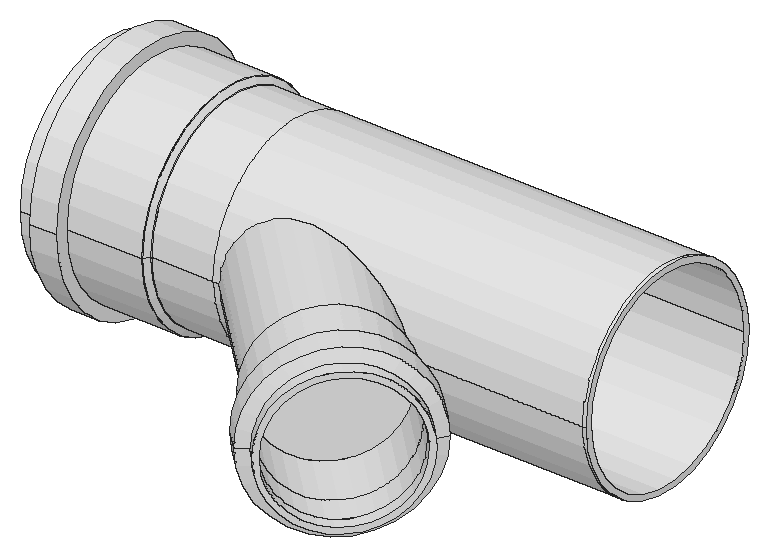
Revit family "Juncao_Invertida", category Pipe Fittings, Revit 2025
Family settings
  Round Connector Dimension = Use Radius
  Part Type = Tee
  Work Plane-Based = No
  Always vertical = Yes
  Cut with Voids When Loaded = No
  Shared = No
Parameters (values of type "Standard")
  Ângulo 1 [instance] = if(Ângulo > 90.00°, 180.00° - Ângulo, Ângulo)  # 45.00°
  Ângulo [instance] = 45.00°
  built-in parameter 1114242 [instance] = (empty or 0)
  URL = "http://www.tigre.com.br"
  Type Comments = ""
  Tigre: Sistema = "Esgoto"  # constant formula
  Tigre: Norma = ""
  Tigre: Material = "PVC Branco"  # constant formula
  Tigre: Marcador [instance] = "00"
  Tigre: Link do Produto = "http://www.tigre.com.br/pt/produtos_unico.php?rcr_id=4&cpr_id=10&cpr_id_pai=4&lnh_id=9&prd_id=709"
  Tigre: Linha = "Série Normal"  # constant formula
  Tigre: Fabricante = "© Tigre S/A"  # constant formula
  Tigre: Descrição [instance] = if(and(Diâmetro Nominal 1 = 75.00 mm, Diâmetro Nominal 2 = 50.00 mm, Ângulo 1 > 40.00°, Ângulo 1 < 50.00°), "Junção Invertida 75 x 50mm, Esgoto Série Normal - TIGRE", if(and(Diâmetro Nominal 1 = 75.00 mm, Diâmetro Nominal 2 = 75.00 mm, Ângulo 1 > 40.00°, Ângulo 1 < 50.00°), "Junção Invertida 75 x 75mm, Esgoto Série Normal - TIGRE", if(and(Diâmetro Nominal 1 = 100.00 mm, Diâmetro Nominal 2 = 50.00 mm, Ângulo 1 > 40.00°, Ângulo 1 < 50.00°), "Junção Invertida 100 x 50mm, Esgoto Série Normal - TIGRE", if(and(Diâmetro Nominal 1 = 100.00 mm, Diâmetro Nominal 2 = 75.00 mm, Ângulo 1 > 40.00°, Ângulo 1 < 50.00°), "Junção Invertida 100 x 75mm, Esgoto Série Normal - TIGRE", if(and(Diâmetro Nominal 1 = 100.00 mm, Diâmetro Nominal 2 = 100.00 mm, Ângulo 1 > 40.00°, Ângulo 1 < 50.00°), "Junção Invertida 100 x 100mm, Esgoto Série Normal - TIGRE", "Produto Inexistente")))))  # "Junção Invertida 75 x 50mm, Esgoto Série Normal - TIGRE"
  Tigre: Código com Separador [instance] = if(and(Diâmetro Nominal 1 = 75.00 mm, Diâmetro Nominal 2 = 50.00 mm, Ângulo 1 > 40.00°, Ângulo 1 < 50.00°), "26.29.726.5", if(and(Diâmetro Nominal 1 = 75.00 mm, Diâmetro Nominal 2 = 75.00 mm, Ângulo 1 > 40.00°, Ângulo 1 < 50.00°), "26.29.729.0", if(and(Diâmetro Nominal 1 = 100.00 mm, Diâmetro Nominal 2 = 50.00 mm, Ângulo 1 > 40.00°, Ângulo 1 < 50.00°), "26.29.746.0", if(and(Diâmetro Nominal 1 = 100.00 mm, Diâmetro Nominal 2 = 75.00 mm, Ângulo 1 > 40.00°, Ângulo 1 < 50.00°), "26.29.747.8", if(and(Diâmetro Nominal 1 = 100.00 mm, Diâmetro Nominal 2 = 100.00 mm, Ângulo 1 > 40.00°, Ângulo 1 < 50.00°), "26.29.748.6", "Produto ou Código Inexistente")))))  # "26.29.726.5"
  Tigre: Código [instance] = if(and(Diâmetro Nominal 1 = 75.00 mm, Diâmetro Nominal 2 = 50.00 mm, Ângulo 1 > 40.00°, Ângulo 1 < 50.00°), 26297265, if(and(Diâmetro Nominal 1 = 75.00 mm, Diâmetro Nominal 2 = 75.00 mm, Ângulo 1 > 40.00°, Ângulo 1 < 50.00°), 26297290, if(and(Diâmetro Nominal 1 = 100.00 mm, Diâmetro Nominal 2 = 50.00 mm, Ângulo 1 > 40.00°, Ângulo 1 < 50.00°), 26297460, if(and(Diâmetro Nominal 1 = 100.00 mm, Diâmetro Nominal 2 = 75.00 mm, Ângulo 1 > 40.00°, Ângulo 1 < 50.00°), 26297478, if(and(Diâmetro Nominal 1 = 100.00 mm, Diâmetro Nominal 2 = 100.00 mm, Ângulo 1 > 40.00°, Ângulo 1 < 50.00°), 26297486, 0)))))  # 26297265
  Tigre: Comentários [instance] = ""
  Representação Unifilar 2 [instance] = Diâmetro Nominal 1 * 0.2  # 15 mm
  Representação Unifilar 1 [instance] = Diâmetro Nominal 1 * 0.2  # 15 mm
  Raio Nominal 2 [instance] = 25 mm
  Raio Nominal 1 [instance] = 37.5 mm
  Raio Interno 1 [instance] = Raio Nominal 1 - 2.00 mm  # 35.50 mm
  Raio Externo 2 [instance] = Diâmetro Externo 2 / 2  # 27 mm
  Raio Externo 1 [instance] = Diâmetro Externo 1 / 2  # 40 mm
  Raio Anel 2 [instance] = size_lookup(Lookup Table Name, "RaioAnel2", 0.5343 * Diâmetro Nominal 1 - 3.80 mm, Diâmetro Nominal 1, Diâmetro Nominal 2)  # 31.5 mm
  Raio Anel 1 [instance] = size_lookup(Lookup Table Name, "RaioAnel1", 0.5652 * Diâmetro Nominal 1 + 0.86 mm, Diâmetro Nominal 1, Diâmetro Nominal 2)  # 44.4 mm
  Model = ""
  Manufacturer = Tigre: Fabricante  # "© Tigre S/A"
  Luva Esquerda [instance] = and(and(not(Diâmetro Nominal 1 = 40.00 mm), Bolsa Direita), not(Ligação em Conexão))  # yes
  Luva Direita [instance] = and(and(not(Diâmetro Nominal 1 = 40.00 mm), Bolsa Esquerda), not(Ligação em Conexão), not(and(Ângulo > 40.00°, Ângulo < 50.00°)))  # no
  Loss Method = Not Defined
  Lookup Table Name = "Juncao invertida - Serie Normal - Esgoto - MEP - Tigre"
  Ligação em Conexão [instance] = no
  K Coefficient Table = "Tee"
  Inverter Sentido da Luva _ Somente Tê [instance] = 1 = 0  # no
  Description = "Junção Invertida, Esgoto Série Normal - TIGRE"
  Default Elevation = 0.00 mm
  Cota Máxima [instance] = if(Cota A1 > Cota C1, Cota A1, Cota C1)  # 137 mm
  Cota E1 [instance] = if(and(Ângulo > 40.00°, Ângulo < 50.00°), size_lookup(Lookup Table Name, "CotE1", 0.5 * Diâmetro Nominal 1, Diâmetro Nominal 1, Diâmetro Nominal 2), if(and(Ângulo > 130.00°, Ângulo < 140.00°), size_lookup(Lookup Table Name, "CotE2", 1.5 * Diâmetro Nominal 1, Diâmetro Nominal 1, Diâmetro Nominal 2), size_lookup(Lookup Table Name, "CotE1", 1.5 * Diâmetro Nominal 1, Diâmetro Nominal 1, Diâmetro Nominal 2)))  # 69.55 mm
  Aux. Unifilar [instance] = Cota C + Chanfro 2  # 91.3 mm
  Bolsa Esquerda [instance] = or(and(Diâmetro Nominal 1 = 40.00 mm), not(Bolsa Direita))  # no
  Bolsa Direita [instance] = or(and(Diâmetro Nominal 1 = 40.00 mm), Inverter Sentido da Luva _ Somente Tê, and(Ângulo > 40.00°, Ângulo < 50.00°))  # yes
  Anel 2 [instance] = if(and(Diâmetro Nominal 1 = 40.00 mm, Diâmetro Nominal 2 = 40.00 mm), Raio Externo 2, Raio Anel 2)  # 31.5 mm
  Anel 1 [instance] = if(and(Diâmetro Nominal 1 = 40.00 mm, Diâmetro Nominal 2 = 40.00 mm), Raio Externo 1, Raio Anel 1)  # 44.4 mm
  Acabamento [instance] = none
  Diâmetro Nominal 2 [instance] = Raio Nominal 2 * 2  # 50 mm
  Diâmetro Nominal 1 [instance] = Raio Nominal 1 * 2  # 75 mm
  Diâmetro Externo 2 [instance] = size_lookup(Lookup Table Name, "DE2", 0.9733 * Diâmetro Nominal 1 - 6.84 mm, Diâmetro Nominal 1, Diâmetro Nominal 2)  # 54 mm
  Diâmetro Externo 1 [instance] = size_lookup(Lookup Table Name, "DE1", 1.031 * Diâmetro Nominal 1 + 2.66 mm, Diâmetro Nominal 1, Diâmetro Nominal 2)  # 80 mm
  Cota D2 [instance] = size_lookup(Lookup Table Name, "CotD2", 0.0224 * Diâmetro Nominal 1 + 3.42 mm, Diâmetro Nominal 1, Diâmetro Nominal 2)  # 5.3 mm
  Cota D1 [instance] = size_lookup(Lookup Table Name, "CotD1", 0.0241 * Diâmetro Nominal 1 + 3.46 mm, Diâmetro Nominal 1, Diâmetro Nominal 2)  # 5.5 mm
  Cota C1 [instance] = if(and(Ângulo > 40.00°, Ângulo < 50.00°), size_lookup(Lookup Table Name, "CotC1", 0.5 * Diâmetro Nominal 1, Diâmetro Nominal 1, Diâmetro Nominal 2), if(and(Ângulo > 130.00°, Ângulo < 140.00°), size_lookup(Lookup Table Name, "CotA1", 1.5 * Diâmetro Nominal 1, Diâmetro Nominal 1, Diâmetro Nominal 2), size_lookup(Lookup Table Name, "CotA1", 1.5 * Diâmetro Nominal 1, Diâmetro Nominal 1, Diâmetro Nominal 2)))  # 23 mm
  Cota C [instance] = if(and(Ângulo > 130.00°, Ângulo < 140.00°), size_lookup(Lookup Table Name, "CotE", Cota Máxima, Diâmetro Nominal 1, Diâmetro Nominal 2), if(and(Ângulo > 40.00°, Ângulo < 50.00°), size_lookup(Lookup Table Name, "CotE", Cota Máxima, Diâmetro Nominal 1, Diâmetro Nominal 2), Cota Máxima))  # 90 mm
  Cota B2 [instance] = size_lookup(Lookup Table Name, "CotB2", 0.2779 * Diâmetro Nominal 1 + 19.00 mm, Diâmetro Nominal 1, Diâmetro Nominal 2)  # 40 mm
  Cota B1 [instance] = size_lookup(Lookup Table Name, "CotB1", 0.332 * Diâmetro Nominal 1 + 18.35 mm, Diâmetro Nominal 1, Diâmetro Nominal 2)  # 46.55 mm
  Cota Anel 2 [instance] = size_lookup(Lookup Table Name, "CotAnel2", 0.0703 * Diâmetro Nominal 1 + 4.08 mm, Diâmetro Nominal 1, Diâmetro Nominal 2)  # 10 mm
  Cota Anel 1 [instance] = size_lookup(Lookup Table Name, "CotAnel1", 0.0801 * Diâmetro Nominal 1 + 3.76 mm, Diâmetro Nominal 1, Diâmetro Nominal 2)  # 10.2 mm
  Cota A1 [instance] = if(and(Ângulo > 130.00°, Ângulo < 140.00°), size_lookup(Lookup Table Name, "CotC1", 0.5 * Diâmetro Nominal 1, Diâmetro Nominal 1, Diâmetro Nominal 2), if(and(Ângulo > 40.00°, Ângulo < 50.00°), size_lookup(Lookup Table Name, "CotA1", 1.5 * Diâmetro Nominal 1, Diâmetro Nominal 1, Diâmetro Nominal 2), size_lookup(Lookup Table Name, "CotC1", 0.5 * Diâmetro Nominal 1, Diâmetro Nominal 1, Diâmetro Nominal 2)))  # 137 mm
  Chanfro 2 [instance] = size_lookup(Lookup Table Name, "Chan2", 0.0023 * Diâmetro Nominal 1 + 1.12 mm, Diâmetro Nominal 1, Diâmetro Nominal 2)  # 1.3 mm
  Chanfro 1 [instance] = size_lookup(Lookup Table Name, "Chan1", 0.0024 * Diâmetro Nominal 1 + 1.15 mm, Diâmetro Nominal 1, Diâmetro Nominal 2)  # 1.4 mm
Reference planes
  plane 1 "Center (Front/Back)": y = 0
  plane 2: z = 0
  plane 3 "Center (Left/Right)": x = 0
Forms (mm)
  Sweep 1, solid, material "PVC", detail levels fine
    path in 3D
      loop
        line (0, 0, 0) -> (-23, 0, 0)
    profile origin (-11.5, 0, 0) x (0, -1, 0) y (0, 0, 1)
      loop
        circle (0, 0) r 37.5
  SweptBlend 2, solid, material "PVC", visible <- "Bolsa Direita", detail levels fine
    path in 3D
      loop
        line (-23, 0, 0) -> (-24.4, 0, 0)
    profile origin (-23, 0, 0) x (0, -1, 0) y (0, 0, 1)
      loop
        circle (0, 0) r 37.5
    end profile origin (-24.4, 0, 0) x (0, -1, 0) y (0, 0, 1)
      loop
        circle (0, 0) r 40
  Sweep 3, solid, material "PVC", visible <- "Bolsa Direita", detail levels fine
    path in 3D
      loop
        line (-24.4, 0, 0) -> (-52.45, 0, 0)
    profile origin (-38.425, 0, 0) x (0, -1, 0) y (0, 0, 1)
      loop
        circle (0, 0) r 40
      loop
        circle (0, 0) r 37.5
  Sweep 4, solid, material "PVC", visible <- "Bolsa Direita", detail levels fine
    path in 3D
      loop
        line (-52.45, 0, 0) -> (-62.65, 0, 0)
    profile origin (-57.55, 0, 0) x (0, -1, 0) y (0, 0, 1)
      loop
        circle (0, 0) r 44.4
      loop
        circle (0, 0) r 37.5
  SweptBlend 5, solid, material "PVC", visible <- "Bolsa Direita", detail levels fine
    path in 3D
      loop
        line (-62.65, 0, 0) -> (-64.05, 0, 0)
    profile origin (-62.65, 0, 0) x (0, -1, 0) y (0, 0, 1)
      loop
        circle (0, 0) r 44.4
    end profile origin (-64.05, 0, 0) x (0, -1, 0) y (0, 0, 1)
      loop
        circle (0, 0) r 40
  Sweep 6, solid, material "PVC", visible <- "Bolsa Direita", detail levels fine
    path in 3D
      loop
        line (-64.05, 0, 0) -> (-69.55, 0, 0)
    profile origin (-66.8, 0, 0) x (0, -1, 0) y (0, 0, 1)
      loop
        circle (0, 0) r 37.5
      loop
        circle (0, 0) r 40
  Sweep 7, solid, material "PVC", detail levels fine
    path in 3D
      loop
        line (0, 0, 0) -> (63.64, -63.64, 0)
    profile origin (31.82, -31.82, 0) x (0.707107, 0.707107, 0) y (0, 0, 1)
      loop
        circle (0, 0) r 25
  SweptBlend 8, solid, material "PVC", detail levels fine
    path in 3D
      loop
        line (63.64, -63.64, 0) -> (64.559, -64.559, 0)
    profile origin (63.64, -63.64, 0) x (0.707107, 0.707107, 0) y (0, 0, 1)
      loop
        circle (0, 0) r 25
    end profile origin (64.559, -64.559, 0) x (0.707107, 0.707107, 0) y (0, 0, 1)
      loop
        circle (0, 0) r 27
  Sweep 9, solid, material "PVC", detail levels fine
    path in 3D
      loop
        line (64.559, -64.559, 0) -> (81.105, -81.105, 0)
    profile origin (72.832, -72.832, 0) x (0.707107, 0.707107, 0) y (0, 0, 1)
      loop
        circle (0, 0) r 27
      loop
        circle (0, 0) r 25
  SweptBlend 10, solid, material "PVC", detail levels fine
    path in 3D
      loop
        line (88.176, -88.176, 0) -> (89.095, -89.095, 0)
    profile origin (88.176, -88.176, 0) x (0.707107, 0.707107, 0) y (0, 0, 1)
      loop
        circle (0, 0) r 31.5
    end profile origin (89.095, -89.095, 0) x (0.707107, 0.707107, 0) y (0, 0, 1)
      loop
        circle (0, 0) r 27
  Sweep 11, solid, material "PVC", detail levels fine
    path in 3D
      loop
        line (89.095, -89.095, 0) -> (92.843, -92.843, 0)
    profile origin (90.969, -90.969, 0) x (0.707107, 0.707107, 0) y (0, 0, 1)
      loop
        circle (0, 0) r 27
      loop
        circle (0, 0) r 25
  Sweep 12, solid, material "PVC", detail levels fine
    path in 3D
      loop
        line (137, 0, 0) -> (0, 0, 0)
    profile origin (68.5, 0, 0) x (0, -1, 0) y (0, 0, 1)
      loop
        circle (0, 0) r 37.5
  SweptBlend 13, solid, material "PVC", visible <- "Bolsa Esquerda", detail levels fine
    path in 3D
      loop
        line (137, 0, 0) -> (138.4, 0, 0)
    profile origin (137, 0, 0) x (0, 1, 0) y (0, 0, 1)
      loop
        circle (0, 0) r 37.5
    end profile origin (138.4, 0, 0) x (0, 1, 0) y (0, 0, 1)
      loop
        circle (0, 0) r 40
  Sweep 14, solid, material "PVC", visible <- "Bolsa Esquerda", detail levels fine
    path in 3D
      loop
        line (138.4, 0, 0) -> (166.45, 0, 0)
    profile origin (152.425, 0, 0) x (0, 1, 0) y (0, 0, 1)
      loop
        circle (0, 0) r 40
      loop
        circle (0, 0) r 37.5
  SweptBlend 15, solid, material "PVC", visible <- "Bolsa Esquerda", detail levels fine
    path in 3D
      loop
        line (176.65, 0, 0) -> (178.05, 0, 0)
    profile origin (176.65, 0, 0) x (0, 1, 0) y (0, 0, 1)
      loop
        circle (0, 0) r 44.4
    end profile origin (178.05, 0, 0) x (0, 1, 0) y (0, 0, 1)
      loop
        circle (0, 0) r 40
  Sweep 16, solid, material "PVC", visible <- "Bolsa Esquerda", detail levels fine
    path in 3D
      loop
        line (178.05, 0, 0) -> (183.55, 0, 0)
    profile origin (180.8, 0, 0) x (0, 1, 0) y (0, 0, 1)
      loop
        circle (0, 0) r 40
      loop
        circle (0, 0) r 37.5
  Sweep 17, void
    path origin (0, 0, 0) x (1, 0, 0) y (0, 1, 0)
      loop
        line (64.559, -64.559) -> (92.843, -92.843)
    profile origin (78.701, -78.701, 0) x (0.707107, 0.707107, 0) y (0, 0, 1)
      loop
        circle (0, 0) r 25
  Sweep 18, solid, material "PVC", detail levels fine
    path in 3D
      loop
        line (81.105, -81.105, 0) -> (88.176, -88.176, 0)
    profile origin (84.641, -84.641, 0) x (0.707107, 0.707107, 0) y (0, 0, 1)
      loop
        circle (0, 0) r 31.5
  Sweep 19, solid, material "PVC", visible <- "Bolsa Esquerda", detail levels fine
    path in 3D
      loop
        line (166.45, 0, 0) -> (176.65, 0, 0)
    profile origin (171.55, 0, 0) x (0, 1, 0) y (0, 0, 1)
      loop
        circle (0, 0) r 44.4
      loop
        circle (0, 0) r 37.5
  Sweep 20, void
    path in 3D
      loop
        line (-62.65, 0, 0) -> (-64.05, 0, 0)
    profile origin (-63.35, 0, 0) x (0, -1, 0) y (0, 0, 1)
      loop
        circle (0, 0) r 37.5
  Sweep 21, void
    path in 3D
      loop
        line (176.65, 0, 0) -> (178.05, 0, 0)
    profile origin (177.35, 0, 0) x (0, 1, 0) y (0, 0, 1)
      loop
        circle (0, 0) r 37.5
  Sweep 22, solid, material "PVC", detail levels fine
    path in 3D
      loop
        line (137, 0, 0) -> (138.4, 0, 0)
    profile origin (137.7, 0, 0) x (0, 1, 0) y (0, 0, 1)
      loop
        circle (0, 0) r 37.5
  Sweep 23, solid, material "PVC", detail levels fine
    path in 3D
      loop
        line (-23, 0, 0) -> (-24.4, 0, 0)
    profile origin (-23.7, 0, 0) x (0, -1, 0) y (0, 0, 1)
      loop
        circle (0, 0) r 37.5
  Extrusion 24, void
    sketch origin (0, 0, 0) x (0, 1, 0) y (0, 0, 1)
      loop
        circle (0, 0) r 35.5
    from -69.55 to 237.669
Cuts and joins
  Sweep 17, Extrusion 24 cuts Sweep 1
  Sweep 17, Extrusion 24 cuts Sweep 7
  Sweep 17, Extrusion 24 cuts Sweep 12
  Extrusion 24 cuts Sweep 22
  Extrusion 24 cuts Sweep 23
  joined: Sweep 1, Sweep 7, Sweep 12, Sweep 22, Sweep 23
  Sweep 17, Sweep 20, Extrusion 24 cuts Sweep 3
  Sweep 17, Sweep 20, Extrusion 24 cuts Sweep 4
  Sweep 17, Sweep 20, Extrusion 24 cuts SweptBlend 5
  Sweep 17, Sweep 20, Extrusion 24 cuts Sweep 6
  joined: Sweep 3, Sweep 4, SweptBlend 5, Sweep 6
  Sweep 17 cuts SweptBlend 8
  Sweep 17 cuts Sweep 9
  Sweep 17 cuts SweptBlend 10
  Sweep 17 cuts Sweep 11
  Sweep 17 cuts Sweep 18
  joined: SweptBlend 8, Sweep 9, SweptBlend 10, Sweep 11, Sweep 18
  Sweep 21, Extrusion 24 cuts Sweep 14
  Sweep 21, Extrusion 24 cuts SweptBlend 15
  Sweep 21, Extrusion 24 cuts Sweep 16
  Sweep 21, Extrusion 24 cuts Sweep 19
  joined: Sweep 14, SweptBlend 15, Sweep 16, Sweep 19
  Sweep 17, Sweep 20, Extrusion 24 cuts SweptBlend 2
  Sweep 21, Extrusion 24 cuts SweptBlend 13
Lines and regions (mm)
  model lines, not visible, detail levels coarse+medium
    curve 1: line (-23, 0, 0) -> (-24.4, 0, 0)
    curve 2: line (-24.4, 0, 0) -> (-52.45, 0, 0)
    curve 3: line (-52.45, 0, 0) -> (-62.65, 0, 0)
    curve 4: line (-62.65, 0, 0) -> (-64.05, 0, 0)
    curve 5: line (-64.05, 0, 0) -> (-69.55, 0, 0)
    curve 8: line (64.559, -64.559, 0) -> (81.105, -81.105, 0)
    curve 9: line (81.105, -81.105, 0) -> (88.176, -88.176, 0)
    curve 10: line (88.176, -88.176, 0) -> (89.095, -89.095, 0)
    curve 11: line (89.095, -89.095, 0) -> (92.843, -92.843, 0)
    curve 22: line (137, 0, 0) -> (138.4, 0, 0)
    curve 23: line (138.4, 0, 0) -> (166.45, 0, 0)
    curve 24: line (166.45, 0, 0) -> (176.65, 0, 0)
    curve 25: line (176.65, 0, 0) -> (178.05, 0, 0)
    curve 26: line (178.05, 0, 0) -> (183.55, 0, 0)
    curve 42: line (0, 0, 0) -> (-23, 0, 0)
    curve 43: line (137, 0, 0) -> (0, 0, 0)
  model lines, detail levels coarse+medium
    curve 6: line (0, 0, 0) -> (63.64, -63.64, 0)
    curve 7: line (63.64, -63.64, 0) -> (64.559, -64.559, 0)
    curve 31: line (64.559, -64.559, 0) -> (53.952, -75.165, 0)
    curve 32: line (64.559, -64.559, 0) -> (75.165, -53.952, 0)
    curve 39: line (91.3, 15, 0) -> (91.3, -15, 0)
    curve 40: line (91.3, 0, 0) -> (0, 0, 0)
    curve 41: line (0, 0, 0) -> (-91.3, 0, 0)
  sketch lines
    curve 12: line (-23, 0, 0) -> (-24.4, 0, 0)
    curve 13: line (-24.4, 0, 0) -> (-52.45, 0, 0)
    curve 14: line (-52.45, 0, 0) -> (-62.65, 0, 0)
    curve 15: line (-62.65, 0, 0) -> (-64.05, 0, 0)
    curve 16: line (-64.05, 0, 0) -> (-69.55, 0, 0)
    curve 17: line (0, 0, 0) -> (63.64, -63.64, 0)
    curve 18: line (63.64, -63.64, 0) -> (64.559, -64.559, 0)
    curve 19: line (64.559, -64.559, 0) -> (81.105, -81.105, 0)
    curve 20: line (88.176, -88.176, 0) -> (89.095, -89.095, 0)
    curve 21: line (89.095, -89.095, 0) -> (92.843, -92.843, 0)
    curve 27: line (137, 0, 0) -> (138.4, 0, 0)
    curve 28: line (138.4, 0, 0) -> (166.45, 0, 0)
    curve 29: line (176.65, 0, 0) -> (178.05, 0, 0)
    curve 30: line (178.05, 0, 0) -> (183.55, 0, 0)
    curve 33: line (81.105, -81.105, 0) -> (88.176, -88.176, 0)
    curve 34: line (166.45, 0, 0) -> (176.65, 0, 0)
    curve 35: line (-62.65, 0, 0) -> (-64.05, 0, 0)
    curve 36: line (176.65, 0, 0) -> (178.05, 0, 0)
    curve 37: line (137, 0, 0) -> (138.4, 0, 0)
    curve 38: line (-23, 0, 0) -> (-24.4, 0, 0)
    curve 44: line (137, 0, 0) -> (0, 0, 0)
    curve 45: line (0, 0, 0) -> (-23, 0, 0)
Dimensions and locks
  "Chanfro 1": curve 2 to curve 1
  curve 3 to curve 2 = 28.05 mm
  "Cota Anel 1": curve 4 to curve 3
  "Chanfro 1": curve 5 to curve 4
  "Cota D1": curve 5 to curve 5
  "Cota B1": curve 5 to curve 1
  "Cota C": curve 6 to curve 6
  "Chanfro 2": curve 7 to curve 6
  curve 8 to curve 8 = 23.40 mm
  "Cota D2": curve 11 to curve 11
  "Chanfro 2": curve 11 to curve 10
  "Cota Anel 2": curve 10 to curve 9
  "Cota B2": curve 11 to curve 8
  "Chanfro 1": curve 23 to curve 22
  curve 24 to curve 23 = 28.05 mm
  "Cota Anel 1": curve 25 to curve 24
  "Chanfro 1": curve 26 to curve 25
  "Cota D1": curve 26 to curve 26
  equal spacing: curve 31, curve 6, curve 32
  "Representação Unifilar 2": curve 31 to curve 6
  "Cota B2": Sweep 17 sketch curve to Sweep 17 sketch curve
  "Cota B1": curve 26 to curve 22
  "Aux. Unifilar": plane 3 "Center (Left/Right)" to curve 39
  "Cota E1": curve 5 to plane 3 "Center (Left/Right)"
  plane 3 "Center (Left/Right)" to curve 26 = 183.55 mm
  "Cota C1": curve 42 to curve 42
  "Cota A1": curve 43 to curve 43
  "Raio Nominal 1": radius of Sweep 1 sketch curve
  "Raio Externo 1": radius of SweptBlend 2 sketch curve
  "Raio Nominal 2": radius of Sweep 7 sketch curve
  "Raio Externo 2": radius of SweptBlend 8 sketch curve
  "Anel 1": radius of SweptBlend 5 sketch curve
  "Anel 2": radius of SweptBlend 10 sketch curve
  "Raio Nominal 1": radius of Sweep 3 sketch curve
  "Raio Externo 1": radius of SweptBlend 13 sketch curve
  "Raio Anel 1": radius of SweptBlend 15 sketch curve
  "Raio Nominal 1": radius of Sweep 14 sketch curve
  "Raio Nominal 1": radius of SweptBlend 13 sketch curve
  "Raio Nominal 2": radius of Sweep 17 sketch curve
  "Raio Externo 1": radius of SweptBlend 5 sketch curve
  "Raio Nominal 1": radius of Sweep 6 sketch curve
  "Raio Externo 1": radius of Sweep 6 sketch curve
  "Raio Anel 1": radius of Sweep 4 sketch curve
  "Raio Externo 1": radius of Sweep 16 sketch curve
  "Raio Nominal 1": radius of Sweep 16 sketch curve
  "Raio Anel 2": radius of Sweep 18 sketch curve
  "Raio Externo 1": radius of SweptBlend 15 sketch curve
  "Raio Anel 1": radius of Sweep 19 sketch curve
  "Raio Nominal 1": radius of Sweep 12 sketch curve
  "Raio Nominal 1": radius of Sweep 4 sketch curve
  "Raio Nominal 1": radius of Sweep 19 sketch curve
  "Raio Nominal 1": radius of Sweep 20 sketch curve
  "Raio Nominal 1": radius of Sweep 21 sketch curve
  "Raio Nominal 1": radius of Sweep 22 sketch curve
  "Raio Nominal 1": radius of Sweep 23 sketch curve
  "Raio Interno 1": radius of Extrusion 24 sketch curve
  "Raio Nominal 1": radius of SweptBlend 2 sketch curve
  locked: curve 6 to curve 32 (angle 90.00°)
  locked: curve 6 to curve 31 (angle 90.00°)
  "Ângulo": angle curve 6 to plane 1 "Center (Front/Back)"
  "Ângulo": angle curve 7 to plane 1 "Center (Front/Back)"
  "Ângulo": angle curve 8 to plane 1 "Center (Front/Back)"
  "Ângulo": angle curve 9 to plane 1 "Center (Front/Back)"
  "Ângulo": angle curve 10 to plane 1 "Center (Front/Back)"
  "Ângulo": angle curve 11 to plane 1 "Center (Front/Back)"
  "Ângulo": angle Sweep 17 sketch curve to plane 1 "Center (Front/Back)"
  aligned and locked: plane 1 "Center (Front/Back)" to curve 6
  aligned and locked: Sweep 3 sketch curve to SweptBlend 2  (x2)
  aligned and locked: SweptBlend 8 sketch curve to Sweep 7  (x2)
  aligned and locked: Sweep 9 sketch curve to SweptBlend 8  (x2)
  aligned and locked: Sweep 9 sketch curve to Sweep 7  (x2)
  aligned and locked: SweptBlend 10 sketch curve to Sweep 9  (x2)
  aligned and locked: Sweep 11 sketch curve to Sweep 9  (x2)
  aligned and locked: Sweep 11 sketch curve to Sweep 7  (x2)
  aligned and locked: Sweep 14 sketch curve to SweptBlend 13  (x2)
  aligned and locked: Sweep 17 sketch curve to curve 32
  aligned and locked: curve 6 to Sweep 17 sketch curve
  aligned and locked: Extrusion 24 to curve 5
Automatic sketch dimensions
  curve 40 to curve 39 = 15.00 mm
  Sweep 1 sketch curve to profile plane = 0.00 mm  (x2)
  SweptBlend 2 sketch curve to profile plane = 0.00 mm  (x4)
  Sweep 3 sketch curve to Sweep 3 sketch curve = 0.00 mm  (x2)
  Sweep 4 sketch curve to Sweep 4 sketch curve = 0.00 mm  (x2)
  Sweep 4 sketch curve to profile plane = 0.00 mm  (x2)
  SweptBlend 5 sketch curve to profile plane = 0.00 mm  (x4)
  Sweep 6 sketch curve to Sweep 6 sketch curve = 0.00 mm  (x2)
  Sweep 6 sketch curve to profile plane = 0.00 mm  (x2)
  Sweep 7 sketch curve to profile plane = 0.00 mm  (x2)
  SweptBlend 8 sketch curve to profile plane = 0.00 mm  (x2)
  SweptBlend 10 sketch curve to profile plane = 0.00 mm  (x2)
  Sweep 12 sketch curve to profile plane = 0.00 mm  (x2)
  SweptBlend 13 sketch curve to profile plane = 0.00 mm  (x4)
  Sweep 14 sketch curve to Sweep 14 sketch curve = 0.00 mm  (x2)
  SweptBlend 15 sketch curve to profile plane = 0.00 mm  (x4)
  Sweep 16 sketch curve to Sweep 16 sketch curve = 0.00 mm  (x2)
  Sweep 16 sketch curve to profile plane = 0.00 mm  (x2)
  Sweep 17 sketch curve to level = 0.00 mm
  Sweep 17 sketch curve to profile plane = 0.00 mm
  Sweep 18 sketch curve to profile plane = 0.00 mm  (x2)
  Sweep 19 sketch curve to Sweep 19 sketch curve = 0.00 mm  (x2)
  Sweep 19 sketch curve to profile plane = 0.00 mm  (x2)
  Sweep 20 sketch curve to profile plane = 0.00 mm  (x2)
  Sweep 21 sketch curve to profile plane = 0.00 mm  (x2)
  Sweep 22 sketch curve to profile plane = 0.00 mm  (x2)
  Sweep 23 sketch curve to profile plane = 0.00 mm  (x2)
  Extrusion 24 sketch curve to level = 0.00 mm
  Extrusion 24 sketch curve to plane 1 "Center (Front/Back)" = 0.00 mm
  curve 41 to curve 5 = 21.75 mm
  plane 1 "Center (Front/Back)" to curve 39 = 15.00 mm
Connectors
  piping at (-24.4, 0, 0), diameter 75, driven by "Raio Nominal 1"
    settings: on cut or joined group of Sweep 1, Sweep 7, Sweep 12, Sweep 17, Sweep 22, Sweep 23, Extrusion 24, index 1, connector inside diameter 100 mm, connector length 0.00 mm, flow factor 0, pipe flow 0.0 L/s, pressure drop 0.0 Pa, fitting loss kfactor 0, connector angle 0.00°, fixture units 0, engagement length 0.00 mm, angle of deflection 0.00°, flow configuration 0, flow direction 0, fitting loss method 0, system type 28, joint type 0, gender type 0, connector reference index 2, connector utility 0, adjustable connector no, is connector primary yes, connector description ""
  piping at (138.4, 0, 0), diameter 75, driven by "Raio Nominal 1"
    settings: on cut or joined group of Sweep 1, Sweep 7, Sweep 12, Sweep 17, Sweep 22, Sweep 23, Extrusion 24, index 2, connector inside diameter 100 mm, connector length 0.00 mm, flow factor 0, pipe flow 0.0 L/s, pressure drop 0.0 Pa, fitting loss kfactor 0, connector angle 0.00°, fixture units 0, engagement length 0.00 mm, angle of deflection 0.00°, flow configuration 0, flow direction 0, fitting loss method 0, system type 28, joint type 0, gender type 0, connector reference index 1, connector utility 0, adjustable connector no, is connector primary no, connector description ""
  piping at (64.559, -64.559, 0), diameter 50, driven by "Raio Nominal 2", driven by "Ângulo"
    settings: on cut or joined group of SweptBlend 8, Sweep 9, SweptBlend 10, Sweep 11, Sweep 17, Sweep 18, index 3, connector inside diameter 75 mm, connector length 0.00 mm, flow factor 0, pipe flow 0.0 L/s, pressure drop 0.0 Pa, fitting loss kfactor 0, connector angle 45.00°, fixture units 0, engagement length 0.00 mm, angle of deflection 0.00°, flow configuration 0, flow direction 0, fitting loss method 0, system type 28, joint type 0, gender type 0, connector reference index -1, connector utility 0, adjustable connector no, is connector primary no, connector description ""
